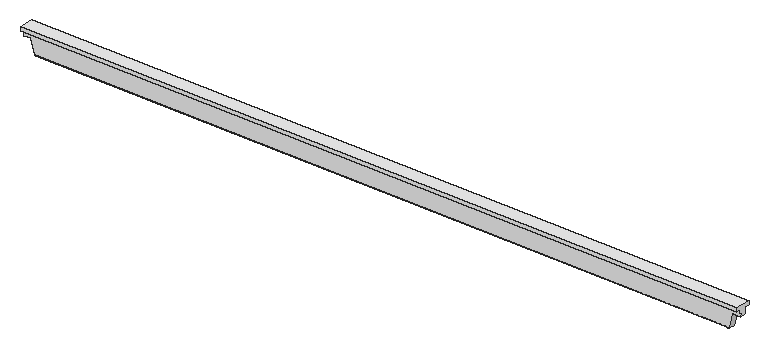
Revit family "Viga_Premoldada_T", category Structural Framing, Revit 2020
Family settings
  Display in Hidden Views = Edges Hidden by Other Members
  Structural Framing Length Roundoff = 0.000 m
  Section Shape = Not Defined
  Material for Model Behavior = Precast Concrete
  Always export as geometry = No
  OmniClass Number = 23.25.30.11.14.14
  OmniClass Title = Beams
  Always vertical = Yes
  Cut with Voids When Loaded = Yes
  Symbolic Representation = From Family
  Shared = No
  Show family pre-cut in plan views = Yes
Parameters (values of type "190x600x1000")
  ho = 0.150 m
  ho Label = if(ho < 0.150 m, 0.150 m, ho)  # 0.150 m
  bo = 0.600 m
  bm = 0.250 m
  Structural Material [instance] = CT_Concreto_Premoldado
  Right Join Cutback [instance] = 0.000 m
  Material_Viga_Premoldada = CT_Concreto_Premoldado
  Left Join Cutback [instance] = 0.000 m
  L1 = if(bm > bu, bm, bu)  # 0.250 m
  Installation Tolerance = 0.020 m
  h = 1.000 m
  bu = 0.190 m
  Formwork Symbol Offset = 0.030 m
  Formwork Symbol = yes
  Fork Width = if(0.3 * h < 0.150 m, 0.150 m, 0.3 * h)  # 0.300 m
  Fork Height = if(0.4 * h < 0.200 m, 0.200 m, 0.4 * h)  # 0.400 m
  Chamfer = 0.010 m
  Assembly Code = ""
  Length [instance] = 30.000 m
  Angle = 75.00°
Reference planes (m)
  plane 1 "Center (Front/Back)": y = 0
  plane 2: z = 0
  plane 3 "Center (Left/Right)": x = 0
  plane 4 "Member Left": x = -0.654019
  plane 5 "Member Right": x = 14.245981
  plane 6 "Left": x = -0.754019
  plane 7 "Right": x = 29.245981
  plane 8: z = 0.5
  plane 9: y = -0.3
  plane 10: y = 0.3
  plane 11: z = -0.5
  plane 12: y = 0.095
  plane 13: y = -0.095
  plane 14: x = -0.734019
  plane 15: x = 29.225981
  plane 16: y = 0.085
  plane 17: y = -0.085
  plane 18: z = -0.49
  plane 19: z = 0.35
  plane 20: y = 0.125
  plane 21: y = -0.125
  plane 22: y = 0.33
  plane 23: y = -0.33
  plane 24: y = 0.155
  plane 25: y = -0.155
  plane 26: z = -0.53
  plane 27: z = 0.425
  plane 28: z = 0.1
  plane 29: y = 0.125
  plane 30: y = -0.125
  plane 31: x = -0.434019
  plane 32: x = 28.925981
  plane 33: x = -0.734019
  plane 34: x = 29.225981
Forms (m)
  Extrusion 1, solid, material "CT_Concreto_Premoldado" <- "Material_Viga_Premoldada"
    sketch origin (0, 0, 0) x (0, 1, 0) y (0, 0, 1)
      loop
        line (-0.3, 0.5) -> (-0.3, 0.35) -> (-0.125, 0.35) -> (-0.095, -0.49) -> (-0.085, -0.5) -> (0.085, -0.5) -> (0.095, -0.49) -> (0.125, 0.35) -> (0.3, 0.35) -> (0.3, 0.5) -> (-0.3, 0.5)
    from -0.734019 to 29.225981
  Extrusion 2, void
    sketch origin (0, 0, 0) x (1, 0, 0) y (0, 0, 1)
      loop
        line (-0.734019, 0.1) -> (-0.734019, -0.5) -> (-0.27325, -0.5) -> (-0.434019, 0.1) -> (-0.734019, 0.1)
      loop
        line (28.925981, 0.1) -> (28.765211, -0.5) -> (29.225981, -0.5) -> (29.225981, 0.1) -> (28.925981, 0.1)
    from -0.125 to 0.125
Cuts and joins
  Extrusion 2 cuts Extrusion 1
Lines and regions (m)
  reference lines
    curve 1: line (-0.434019, 0, 0.1) -> (-0.242493, 0, -0.614785)
    curve 2: line (28.925981, 0, 0.1) -> (28.734455, 0, -0.614785)
Dimensions and locks (m)
  "Length": plane 6 "Left" to plane 7 "Right"
  locked: level to plane 2
  equal spacing: plane 10, plane 1 "Center (Front/Back)", plane 9
  "bo": plane 10 to plane 9
  equal spacing: plane 8, plane 2, plane 11
  "h": plane 8 to plane 11
  equal spacing: plane 12, plane 1 "Center (Front/Back)", plane 13
  "bu": plane 12 to plane 13
  "Installation Tolerance": plane 6 "Left" to plane 14
  "Installation Tolerance": plane 15 to plane 7 "Right"
  "Chamfer": plane 12 to plane 16
  "Chamfer": plane 17 to plane 13
  "Chamfer": plane 18 to plane 11
  equal spacing: plane 20, plane 1 "Center (Front/Back)", plane 21
  "bm": plane 20 to plane 21
  "ho Label": plane 8 to plane 19
  "Formwork Symbol Offset": plane 11 to plane 26
  "Formwork Symbol Offset": plane 21 to plane 25
  "Formwork Symbol Offset": plane 24 to plane 20
  equal spacing: plane 8, plane 27, plane 19
  "Formwork Symbol Offset": plane 22 to plane 10
  "Formwork Symbol Offset": plane 9 to plane 23
  "Fork Height": plane 8 to plane 28
  equal spacing: plane 29, plane 1 "Center (Front/Back)", plane 30
  "L1": plane 29 to plane 30
  "Left Join Cutback": plane 14 to plane 33
  "Fork Width": plane 33 to plane 31
  "Right Join Cutback": plane 34 to plane 15
  "Fork Width": plane 32 to plane 34
  equal spacing: plane 34, plane 5 "Member Right", plane 33
  "Angle": angle curve 1 to plane 28
  "Angle": angle plane 28 to curve 2
  aligned and locked: Extrusion 1 sketch curve to plane 8
  aligned and locked: plane 8 to Extrusion 1 sketch curve
  aligned and locked: Extrusion 1 sketch curve to plane 9
  aligned and locked: plane 19 to Extrusion 1 sketch curve  (x3)
  aligned and locked: plane 9 to Extrusion 1 sketch curve
  aligned and locked: Extrusion 1 sketch curve to plane 10
  aligned and locked: plane 10 to Extrusion 1 sketch curve
  aligned and locked: Extrusion 1 sketch curve to plane 19
  aligned and locked: Extrusion 1 sketch curve to plane 11
  aligned and locked: plane 16 to Extrusion 1 sketch curve
  aligned and locked: Extrusion 1 sketch curve to plane 17
  aligned and locked: plane 11 to Extrusion 1 sketch curve
  aligned and locked: plane 18 to Extrusion 1 sketch curve  (x2)
  aligned and locked: nested 5 to plane 1 "Center (Front/Back)"
  aligned and locked: plane 26 to nested 5
  aligned and locked: plane 2 to nested 4
  aligned and locked: plane 2 to nested 3
  aligned and locked: plane 24 to nested 3
  aligned and locked: plane 25 to nested 4
  aligned and locked: plane 23 to nested 2
  aligned and locked: plane 22 to nested 1
  aligned and locked: plane 27 to nested 1
  aligned and locked: nested 2 to plane 27
  aligned and locked: plane 12 to Extrusion 1 sketch curve
  aligned and locked: plane 13 to Extrusion 1 sketch curve
  aligned and locked: plane 20 to Extrusion 1 sketch curve
  aligned and locked: plane 21 to Extrusion 1 sketch curve
  aligned and locked: plane 28 to curve 1
  aligned and locked: plane 32 to curve 2
  aligned and locked: curve 2 to plane 28
  aligned and locked: plane 31 to Extrusion 2 sketch curve
  aligned and locked: plane 28 to Extrusion 2 sketch curve
  aligned and locked: plane 11 to Extrusion 2 sketch curve  (x2)
  aligned and locked: plane 32 to Extrusion 2 sketch curve
  aligned and locked: Extrusion 2 sketch curve to plane 28
  aligned and locked: Extrusion 2 sketch curve to plane 11
  aligned and locked: Extrusion 2 sketch curve to curve 1
  aligned and locked: Extrusion 2 sketch curve to curve 2
  aligned and locked: Extrusion 2 to plane 29
  aligned and locked: Extrusion 2 to plane 30
  aligned and locked: cut or joined group of Extrusion 1, Extrusion 2 to plane 33
  aligned and locked: plane 34 to cut or joined group of Extrusion 1, Extrusion 2
  aligned and locked: Extrusion 2 sketch curve to plane 33
  aligned and locked: Extrusion 2 sketch curve to plane 34
Automatic sketch dimensions
  curve 1 to plane 31 = 0.000 m
Nested families (m)
  nested 1: "Formwork Symbol" at (0, 0.33, 0.425) x (0, -1, 0) z (1, 0, 0), visible <- "Formwork Symbol", type "Formwork Symbol", detail levels fine
  nested 2: "Formwork Symbol" at (0, -0.33, 0.425) x (0, -1, 0) z (1, 0, 0), visible <- "Formwork Symbol", type "Formwork Symbol", detail levels fine
  nested 3: "Formwork Symbol" at (0, 0.155, 0) x (0, -1, 0) z (1, 0, 0), visible <- "Formwork Symbol", type "Formwork Symbol", detail levels fine
  nested 4: "Formwork Symbol" at (0, -0.155, 0) x (0, -1, 0) z (1, 0, 0), visible <- "Formwork Symbol", type "Formwork Symbol", detail levels fine
  nested 5: "Formwork Symbol" at (0, 0, -0.53) x (0, -1, 0) z (1, 0, 0), visible <- "Formwork Symbol", type "Formwork Symbol", detail levels fine
Definition of nested family "Formwork Symbol"
  Parameters (values of type "Formwork Symbol")
    D = 0.015 m
  Reference planes (m)
    plane 1 "Center (Front/Back)": y = 0
    plane 2: z = 0
    plane 3 "Center (Left/Right)": x = 0
  Lines and regions (m)
    Filled region 1, type "Solid Fill - Black", in view "Ref. Level"
      outline origin (0, 0, 0) x (1, 0, 0) y (0, 1, 0)
        loop
          circle (0, 0) r 0.0075
  Dimensions and locks (m)
    "D": diameter of Filled region 1 sketch curve
    aligned and locked: plane 1 "Center (Front/Back)" to Filled region 1 sketch curve
    aligned and locked: plane 3 "Center (Left/Right)" to Filled region 1 sketch curve
